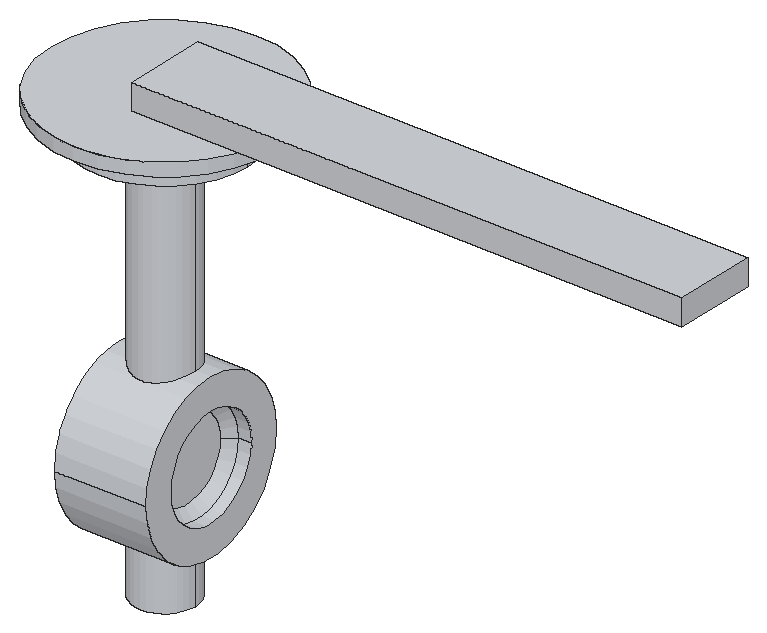
Revit family "8679375385ff4ec69d09ccdcdfd402ca", category Accessoire de canalisation, Revit 2023
Family settings
  Cote de connecteur circulaire = Utiliser le rayon
  Type d'élément = Vanne - Type Introduction
  Numéro OmniClass = 23.65.55.14.17
  Titre OmniClass = Adjusting/Controlling Valves for Liquid Services
  Rechercher l'ID de l'élément = Butterfly Valve - 50-300 mm-0000-CAN-ENU
  Basée sur le plan de construction = Non
  Toujours verticalement = Oui
  Couper avec des vides une fois chargée = Non
  Partagée = Non
Parameters (values of type "50 mm")
  Largeur 3 = Largeur 1 / 2  # 22.575 mm
  Largeur 2 = 0.38 * Diamètre du capot  # 11.438 mm
  Largeur 1 = 1.5 * Diamètre du capot  # 45.15 mm
  Matériau de la vanne = none
  Rayon de la tige = 0.73 * Rayon du volant  # 40.88 mm
  Diamètre de la tige = Rayon de la tige * 2  # 81.76 mm
  Rayon 1 = Rayon nominal - 5.06 mm  # 19.94 mm
  Rayon de la canalisation = 1.6 * Rayon nominal  # 40 mm
  Diamètre de la canalisation = Rayon de la canalisation * 2  # 80 mm
  Hauteur globale = 235 mm
  Rayon nominal = 25 mm
  Diamètre nominal = Rayon nominal * 2  # 50 mm
  Largeur du levier 1 = Largeur du levier / 2  # 20.325 mm
  Largeur du levier = 0.15 * Longueur du levier  # 40.65 mm
  Matériau du levier = none
  Longueur du levier = 271 mm
  Longueur = tan(30.00°) * Largeur 1 / 2  # 13.034 mm
  Rayon du perçage = 2 mm
  Distance du perçage = 111 mm
  Diamètre du perçage = Rayon du perçage * 2  # 4 mm
  Rayon du volant = 56 mm
  Diamètre du volant = Rayon du volant * 2  # 112 mm
  Epaisseur de l'équipement de fixation = 0.1 * Diamètre nominal  # 5 mm
  Longueur de l'équipement de fixation = 0.25 * Diamètre nominal  # 12.5 mm
  Hauteur de l'équipement de fixation = 0.66 * Diamètre nominal  # 33 mm
  Elévation par défaut = 0 mm
  Hauteur du connecteur = 64 mm
  Rayon du capot = 0.35 * Longueur du corps  # 15.05 mm
  Diamètre du capot = Rayon du capot * 2  # 30.1 mm
  Longueur du corps = 43 mm
  K Coefficient = 3.48
Types (10, lengths in mm): name | Largeur 3 | Largeur 2 | Largeur 1 | Rayon de la tige | Diamètre de la tige | Rayon 1 | Rayon de la canalisation | Diamètre de la canalisation | Hauteur globale | Rayon nominal | Diamètre nominal | Largeur du levier 1 | Largeur du levier | Longueur du levier | Longueur | Rayon du perçage | Distance du perçage | Diamètre du perçage | Rayon du volant | Diamètre du volant | Epaisseur de l'équipement de fixation | Longueur de l'équipement de fixation | Hauteur de l'équipement de fixation | Hauteur du connecteur | Rayon du capot | Diamètre du capot | Longueur du corps | K Coefficient
  (no name) | 22.575 | 11.438 | 45.15 | 40.88 | 81.76 | 19.94 | 40 | 80 | 235 | 25 | 50 | 20.325 | 40.65 | 271 | 13.034 | 2 | 111 | 4 | 56 | 112 | 5 | 12.5 | 33 | 64 | 15.05 | 30.1 | 43 | 3.48
  50 mm | 22.575 | 11.438 | 45.15 | 40.88 | 81.76 | 19.94 | 40 | 80 | 235 | 25 | 50 | 20.325 | 40.65 | 271 | 13.034 | 2 | 111 | 4 | 56 | 112 | 5 | 12.5 | 33 | 64 | 15.05 | 30.1 | 43 | 3.48
  65 mm | 24.15 | 12.236 | 48.3 | 40.88 | 81.76 | 27.44 | 52 | 104 | 254 | 32.5 | 65 | 20.325 | 40.65 | 271 | 13.943 | 2 | 130 | 4 | 56 | 112 | 6.5 | 16.25 | 42.9 | 70 | 16.1 | 32.2 | 46 | 3.62
  90 mm | 22.575 | 11.438 | 45.15 | 40.88 | 81.76 | 39.94 | 72 | 144 | 279 | 45 | 90 | 20.4 | 40.8 | 272 | 13.034 | 2 | 152 | 4 | 56 | 112 | 9 | 22.5 | 59.4 | 83 | 15.05 | 30.1 | 43 | 4.62
  100 mm | 27.3 | 13.832 | 54.6 | 40.88 | 81.76 | 44.94 | 80 | 160 | 321 | 50 | 100 | 20.4 | 40.8 | 272 | 15.762 | 2 | 168 | 4 | 56 | 112 | 10 | 25 | 66 | 105 | 18.2 | 36.4 | 52 | 4.31
  125 mm | 29.925 | 15.162 | 59.85 | 40.88 | 81.76 | 57.44 | 100 | 200 | 340 | 62.5 | 125 | 23.325 | 46.65 | 311 | 17.277 | 5 | 203 | 10 | 56 | 112 | 12.5 | 31.25 | 82.5 | 111 | 19.95 | 39.9 | 57 | 3.62
  150 mm | 29.925 | 15.162 | 59.85 | 40.88 | 81.76 | 69.94 | 120 | 240 | 378 | 75 | 150 | 23.325 | 46.65 | 311 | 17.277 | 5 | 229 | 10 | 56 | 112 | 15 | 37.5 | 99 | 137 | 19.95 | 39.9 | 57 | 3.15
  200 mm | 29.925 | 15.162 | 59.85 | 55.48 | 110.96 | 94.94 | 160 | 320 | 435 | 100 | 200 | 26.55 | 53.1 | 354 | 17.277 | 5 | 283 | 10 | 76 | 152 | 20 | 50 | 132 | 167 | 19.95 | 39.9 | 57 | 2.52
  250 mm | 35.175 | 17.822 | 70.35 | 55.48 | 110.96 | 119.94 | 200 | 400 | 506 | 125 | 250 | 26.55 | 53.1 | 354 | 20.308 | 6 | 337 | 12 | 76 | 152 | 25 | 62.5 | 165 | 210 | 23.45 | 46.9 | 67 | 2.12
  300 mm | 40.95 | 20.748 | 81.9 | 55.48 | 110.96 | 144.94 | 240 | 480 | 575 | 150 | 300 | 29.025 | 58.05 | 387 | 23.642 | 6 | 397 | 12 | 76 | 152 | 30 | 75 | 198 | 235 | 27.3 | 54.6 | 78 | 1.85
Reference planes
  plane 1 "Centre (avant/arrière)": y = 0
  plane 2: z = 0
  plane 3 "Centre (gauche/droite)": x = 0
  plane 4: x = -22.575
  plane 5: x = 22.575
  plane 6: x = -11.137
  plane 7: x = 11.137
  plane 8: x = -15.899
  plane 9: x = 15.9
  plane 10: z = -64
  plane 11: z = 171
  plane 12: z = 158.3
  plane 13: z = 151.95
  plane 14: z = 139.25
  plane 15: y = 20.325
  plane 16: y = -20.325
  plane 17: x = 271
  plane 18: y = 13.034
  plane 19: y = -13.034
Forms (mm)
  Extrusion 1, solid, material <- "Matériau de la vanne", detail levels fine
    sketch origin (0, 0, 0) x (0, 1, 0) y (0, 0, 1)
      loop
        circle (0, 0) r 40
    from -22.575 to 22.575
  Extrusion 2, solid, material <- "Matériau de la vanne", detail levels fine
    sketch origin (0, 0, 0) x (1, 0, 0) y (0, 1, 0)
      loop
        circle (0, 0) r 15.05
    from -64 to 139.25
  Extrusion 3, solid, material <- "Matériau de la vanne", detail levels fine
    sketch origin (0, 0, 0) x (1, 0, 0) y (0, 1, 0)
      loop
        circle (0, 0) r 40.88
    from 151.95 to 139.25
  Extrusion 4, solid, material <- "Matériau de la vanne", detail levels fine
    sketch origin (0, 0, 0) x (1, 0, 0) y (0, 1, 0)
      loop
        circle (0, 0) r 56
    from 158.3 to 151.95
  Extrusion 5, solid, material <- "Matériau du levier", detail levels fine
    sketch origin (0, 0, 0) x (1, 0, 0) y (0, 1, 0)
      loop
        line (0, 20.325) -> (0, -20.325) -> (271, -20.325) -> (271, 20.325) -> (0, 20.325)
    from 158.3 to 171
  Blend 6, void
    base sketch origin (0, 0, 0) x (0, 1, 0) y (0, 0, 1)
      loop
        circle (0, 0) r 19.94
    top sketch origin (0, 0, 0) x (0, 1, 0) y (0, 0, 1)
      loop
        circle (0, 0) r 25
    from 11.137 to 15.9
  Extrusion 7, void
    sketch origin (0, 0, 0) x (0, 1, 0) y (0, 0, 1)
      loop
        circle (0, 0) r 25
    from 15.9 to 22.575
  Blend 8, void
    base sketch origin (0, 0, 0) x (0, 1, 0) y (0, 0, 1)
      loop
        circle (0, 0) r 19.94
    top sketch origin (0, 0, 0) x (0, 1, 0) y (0, 0, 1)
      loop
        circle (0, 0) r 25
    from -11.137 to -15.9
  Extrusion 9, void
    sketch origin (0, 0, 0) x (0, 1, 0) y (0, 0, 1)
      loop
        circle (0, 0) r 25
    from -15.9 to -22.575
Cuts and joins
  Blend 6, Extrusion 7, Blend 8, Extrusion 9 cuts Extrusion 1
  Blend 6, Extrusion 7, Blend 8, Extrusion 9 cuts Extrusion 2
  Blend 6, Extrusion 7, Blend 8, Extrusion 9 cuts Extrusion 3
  Blend 6, Extrusion 7, Blend 8, Extrusion 9 cuts Extrusion 4
  joined: Extrusion 1, Extrusion 2, Extrusion 3, Extrusion 4
  Blend 6, Extrusion 7, Blend 8, Extrusion 9 cuts Extrusion 5
Lines and regions (mm)
  model lines, detail levels coarse+medium
    curve 1: line (-22.575, -13.034, 0) -> (-22.575, 13.034, 0)
    curve 2: line (-22.575, 13.034, 0) -> (22.575, -13.034, 0)
    curve 3: line (22.575, -13.034, 0) -> (22.575, 13.034, 0)
    curve 4: circle (0, 0, 0) r 15.05 normal (0, 0, 1)
Dimensions and locks
  "Largeur 3": plane 4 to plane 3 "Centre (gauche/droite)"
  "Largeur 3": plane 3 "Centre (gauche/droite)" to plane 5
  "Largeur 2": plane 7 to plane 5
  "Largeur 2": plane 4 to plane 6
  locked: plane 7 to plane 9 at 4.763
  locked: plane 8 to plane 6 at 4.763
  "Hauteur du connecteur": plane 2 to plane 10
  "Hauteur globale": plane 11 to plane 10
  locked: plane 11 to plane 12 at 12.7
  locked: plane 12 to plane 13 at 6.35
  locked: plane 13 to plane 14 at 12.7
  "Longueur du levier": plane 3 "Centre (gauche/droite)" to plane 17
  "Largeur du levier 1": plane 16 to plane 1 "Centre (avant/arrière)"
  "Largeur du levier 1": plane 15 to plane 1 "Centre (avant/arrière)"
  "Longueur": plane 18 to plane 1 "Centre (avant/arrière)"
  "Longueur": plane 1 "Centre (avant/arrière)" to plane 19
  "Rayon de la canalisation": radius of Extrusion 1 sketch curve
  "Rayon du capot": radius of Extrusion 2 sketch curve
  "Rayon de la tige": radius of Extrusion 3 sketch curve
  "Rayon du volant": radius of Extrusion 4 sketch curve
  "Rayon 1": radius of Blend 6 sketch curve
  "Rayon nominal": radius of Blend 6 sketch curve
  "Rayon nominal": radius of Extrusion 7 sketch curve
  "Rayon 1": radius of Blend 8 sketch curve
  "Rayon nominal": radius of Blend 8 sketch curve
  "Rayon nominal": radius of Extrusion 9 sketch curve
  "Rayon du capot": radius of curve 4
  aligned and locked: plane 1 "Centre (avant/arrière)" to Extrusion 1 sketch curve
  aligned and locked: plane 2 to Extrusion 1 sketch curve
  aligned and locked: Extrusion 1 to plane 4
  aligned and locked: plane 5 to Extrusion 1
  aligned and locked: plane 3 "Centre (gauche/droite)" to Extrusion 2 sketch curve
  aligned and locked: plane 1 "Centre (avant/arrière)" to Extrusion 2 sketch curve
  aligned and locked: Extrusion 2 to plane 10
  aligned and locked: plane 14 to Extrusion 2
  aligned and locked: plane 3 "Centre (gauche/droite)" to Extrusion 3 sketch curve
  aligned and locked: plane 1 "Centre (avant/arrière)" to Extrusion 3 sketch curve
  aligned and locked: plane 3 "Centre (gauche/droite)" to Extrusion 4 sketch curve
  aligned and locked: plane 1 "Centre (avant/arrière)" to Extrusion 4 sketch curve
  aligned and locked: plane 13 to Extrusion 3
  aligned and locked: plane 12 to Extrusion 4
  aligned and locked: plane 13 to Extrusion 4
  aligned and locked: Extrusion 3 to plane 14
  aligned and locked: plane 3 "Centre (gauche/droite)" to Extrusion 5 sketch curve
  aligned and locked: Extrusion 5 sketch curve to plane 15
  aligned and locked: plane 16 to Extrusion 5 sketch curve
  aligned and locked: Extrusion 5 sketch curve to plane 17
  aligned and locked: Extrusion 5 to plane 12
  aligned and locked: plane 11 to Extrusion 5
  aligned and locked: plane 1 "Centre (avant/arrière)" to Blend 6 sketch curve  (x2)
  aligned and locked: plane 2 to Blend 6 sketch curve  (x2)
  aligned and locked: plane 9 to Blend 6
  aligned and locked: Blend 6 to plane 7
  aligned and locked: plane 1 "Centre (avant/arrière)" to Extrusion 7 sketch curve
  aligned and locked: plane 2 to Extrusion 7 sketch curve
  aligned and locked: Extrusion 7 to plane 9
  aligned and locked: plane 5 to Extrusion 7
  aligned and locked: plane 1 "Centre (avant/arrière)" to Blend 8 sketch curve  (x2)
  aligned and locked: plane 2 to Blend 8 sketch curve  (x2)
  aligned and locked: Blend 8 to plane 8
  aligned and locked: plane 6 to Blend 8
  aligned and locked: plane 1 "Centre (avant/arrière)" to Extrusion 9 sketch curve
  aligned and locked: plane 2 to Extrusion 9 sketch curve
  aligned and locked: Extrusion 9 to plane 4
  aligned and locked: plane 8 to Extrusion 9
  aligned and locked: plane 3 "Centre (gauche/droite)" to nested 1
  aligned and locked: plane 1 "Centre (avant/arrière)" to nested 1
  aligned and locked: plane 3 "Centre (gauche/droite)" to curve 4
  aligned and locked: plane 1 "Centre (avant/arrière)" to curve 4
Automatic sketch dimensions
  curve 1 to plane 4 = 0 mm
  curve 3 to plane 5 = 0 mm
  curve 2 to plane 19 = 0 mm
  curve 1 to plane 19 = 0 mm
  curve 3 to plane 18 = 0 mm
  curve 2 to plane 18 = 0 mm
Nested families
  nested 1: "M_Vanne papillon - Composant de détail 50-300 mm" at (0, 0, 0), type "Vanne papillon - Composant de détail 50-300 mm", detail levels coarse+medium
Connectors
  piping at (-22.575, 0, 0), diameter 50, driven by "Rayon nominal"
    settings: on Extrusion 1, index 1, connector inside diameter 50 mm, connector length 0 mm, flow factor 0, pipe flow 0.0 L/s, pressure drop 0.0 Pa, fitting loss kfactor 0, connector angle 0.00°, fixture units 0, engagement length 0 mm, angle of deflection 0.00°, flow configuration 0, flow direction 0, fitting loss method 2, system type 29, joint type 0, gender type 0, connector reference index 2, connector utility 0, adjustable connector no, is connector primary yes, connector description ""
  piping at (22.575, 0, 0), diameter 50, driven by "K Coefficient", driven by "Rayon nominal"
    settings: on Extrusion 1, index 2, connector inside diameter 50 mm, connector length 0 mm, flow factor 0, pipe flow 0.0 L/s, pressure drop 0.0 Pa, fitting loss kfactor 3.48, connector angle 0.00°, fixture units 0, engagement length 0 mm, angle of deflection 0.00°, flow configuration 0, flow direction 0, fitting loss method 2, system type 29, joint type 0, gender type 0, connector reference index 1, connector utility 0, adjustable connector no, is connector primary no, connector description ""
Definition of nested family "M_Vanne papillon - Composant de détail 50-300 mm"
  Parameters
    Rayon = 15 mm
    Assembly Code = ""
  Reference planes
    plane 1 "Centre (avant/arrière)": y = 0
    plane 2: z = 0
    plane 3 "Centre (gauche/droite)": x = 0
  Lines and regions (mm)
    Filled region 1, type "Bloc de béton", in view "Niveau de réf."
      outline origin (0, 0, 0) x (1, 0, 0) y (0, 1, 0)
        loop
          circle (0, 0) r 15
  Dimensions and locks
    "Rayon": radius of Filled region 1 sketch curve
    aligned and locked: plane 3 "Centre (gauche/droite)" to Filled region 1 sketch curve
    aligned and locked: plane 1 "Centre (avant/arrière)" to Filled region 1 sketch curve
